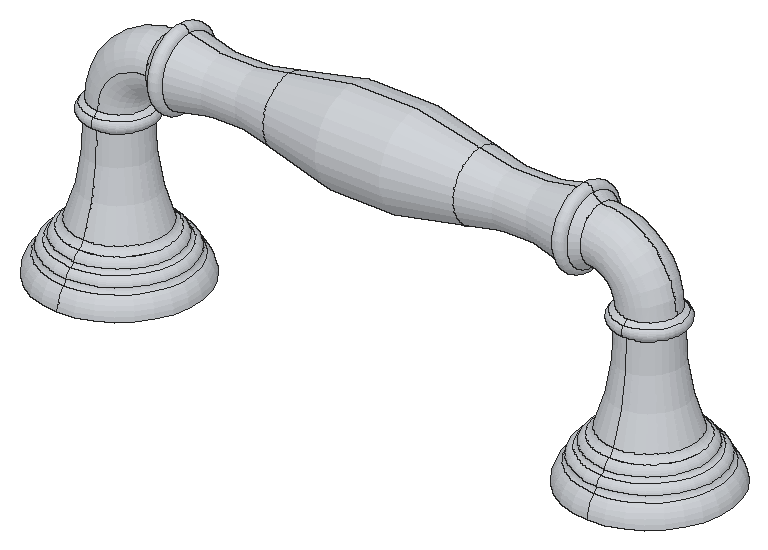
Revit family "Accessory-Cabinet_Pull-KOHLER-Devonshire-K-10576", category Specialty Equipment, host Face, Revit 2015
Parameters (values of type "CP-Polished Chrome")
  Width = 1 7/16"  # constant formula
  URL = "https://www.us.kohler.com/us/"
  Type = 1
  Product Page URL = "http://www.us.kohler.com/us/catalog/productDetails.jsp?productNumber=10576"
  Product Name = "Devonshire"  # constant formula
  Product Documentation Link = "http://www.us.kohler.com/onlinecatalog/pdf/K-10576_spec.pdf"
  Model = if(Type = 1, "K-10576-CP", if(Type = 2, "K-10576-SN", if(Type = 3, "K-10576-BN", if(Type = 4, "K-10576-BV", if(Type = 5, "K-10576-2BZ", "NA")))))  # "K-10576-CP"
  Material = "Premium Metal Construction"  # constant formula
  MasterFormat 2004 = "10.28.13"  # constant formula
  MasterFormat 1995 = "10820"  # constant formula
  Manufacturer Address = "444 Highland Dr, Kohler, WI 53044"  # constant formula
  Manufacturer = "KOHLER Co."  # constant formula
  Length = 3"  # constant formula
  Height = 7/8"  # constant formula
  Finish = Kohler-Metal-CP-Polished_Chrome
  Environmental Product Declaration = ""
  Description = "3 Inch Drawer pull"  # constant formula
  Default Elevation = 42"
  Declare Label = ""
  Date Modified = "10/24/2018"  # constant formula
  Date Created = "10/24/2018"  # constant formula
  Copyright = "Copyright KOHLER Co."  # constant formula
  Contact Us = "https://www.us.kohler.com/us/static/contact.jsp"
  Assembly Code = "C1030200"
  ADA Compliant = 1 = 0  # no
Types (6): name | Type | Model | Finish
  (no name) | 1 | "K-10576-CP" | Kohler-Metal-CP-Polished_Chrome
  CP-Polished Chrome | 1 | "K-10576-CP" | Kohler-Metal-CP-Polished_Chrome
  SN-Vibrant Polished Nickel | 2 | "K-10576-SN" | Kohler-Metal-SN-Vibrant_Polished_Nickel
  BN-Vibrant Brushed Nickel | 3 | "K-10576-BN" | Kohler-Metal-BN-Vibrant_Brushed_Nickel
  BV-Vibrant Brushed Bronze | 4 | "K-10576-BV" | Kohler-Metal-BV-Brushed_Bronze
  2BZ-Oil Rubbed Bronze | 5 | "K-10576-2BZ" | Kohler-Metal-2BZ-Oil_Rubbed_Bronze
Reference planes (in)
  plane 1 "Center (Front/Back)": y = 0
  plane 2: z = 0
  plane 3 "Center (Left/Right)": x = 0
  plane 4: y = 0.4375
  plane 5: x = -1.5
  plane 6: y = -0.4375
  plane 7: z = 1.4375
  plane 8: x = 1.5
Dimensions and locks (in)
  "Height": plane 4 to plane 6
  "Width": plane 7 to level
  "Length": plane 5 to plane 8
  aligned and locked: plane 2 to host face
  aligned and locked: level to host face
Automatic sketch dimensions
  host sketch curve to host sketch curve = 96"  (x2)
Nested families (in)
  nested 1: "K-10576" at (0, 0, 0), type "K-10576"
Definition of nested family "K-10576"
  Parameters (values of type "K-10576")
    Material = none
  Reference planes (in)
    plane 1 "Center (Front/Back)": y = 0
    plane 2: z = 0
    plane 3 "Center (Left/Right)": x = 0
    plane 4: y = 0.4375
    plane 5: x = 1.50088
    plane 6: y = -0.4375
    plane 7: x = -1.50088
    plane 8: x = 1.9375
    plane 9: z = 1.4375
    plane 10: x = -1.9375
  Forms (in)
    Revolve 1, solid, material <- "Material", detail levels medium+fine
      sketch origin (0, 0, 0) x (1, 0, 0) y (0, 0, 1)
        loop
          line (-1.18048, 1.35761) -> (-1.22711, 1.32141) -> (-1.22711, 1.16907) -> (1.22711, 1.16907) -> (1.22711, 1.32141) -> (1.18048, 1.35761)
          arc (1.18048, 1.35761) -> (1.14494, 1.39074) -> (1.10802, 1.35916) r 0.03647
          arc (1.10802, 1.35916) -> (0.82353, 1.31645) -> (0.53881, 1.35762) r 0.98661
          arc (0.53881, 1.35762) -> (0.0002, 1.43645) -> (-0.53842, 1.35773) r 1.88083
          arc (-0.53842, 1.35773) -> (-0.82332, 1.31645) -> (-1.10802, 1.35916) r 0.98661
          arc (-1.10802, 1.35916) -> (-1.14494, 1.39074) -> (-1.18048, 1.35761) r 0.03647
        axis (-1.22711, 1.16907) -> (1.22711, 1.16907)
      angle from 0 to 360
    Revolve 2, solid, material <- "Material", detail levels coarse
      sketch origin (0, 0, 0) x (1, 0, 0) y (0, 0, 1)
        loop
          line (-1.50088, 0) -> (-1.50088, 1.22134) -> (-1.60221, 1.22134) -> (-1.93838, 0) -> (-1.50088, 0)
        axis (-1.50088, 1.22134) -> (-1.50088, 0)
      angle from 0 to 360
    Revolve 3, solid, material <- "Material", detail levels coarse
      sketch origin (0, 0, 0) x (-1, 0, 0) y (0, 0, 1)
        loop
          line (-1.50088, 0) -> (-1.50088, 1.22134) -> (-1.60221, 1.22134) -> (-1.93838, 0) -> (-1.50088, 0)
        axis (-1.50088, 1.22134) -> (-1.50088, 0)
      angle from 0 to 360
    Extrusion 4, solid, material <- "Material", detail levels coarse
      sketch origin (0, 0, 0) x (0, 1, 0) y (0, 0, 1)
        loop
          circle (0, 1.16912) r 0.26838
      from -1.70861 to 1.7045
    Revolve 5, solid, material <- "Material", detail levels medium+fine
      sketch origin (1.50088, 0, 0) x (0, 1, 0) y (0, 0, -1)
        loop
          line (0, 0) -> (0, -0.89491) -> (0.15234, -0.89491) -> (0.18131, -0.87334)
          arc (0.18131, -0.87334) -> (0.19409, -0.8329) -> (0.15974, -0.80801) r 0.03625
          arc (0.15974, -0.80801) -> (0.17717, -0.54006) -> (0.25093, -0.28186) r 1.26123
          arc (0.25093, -0.28186) -> (0.26415, -0.26158) -> (0.28399, -0.24766) r 0.06313
          arc (0.28399, -0.24766) -> (0.30677, -0.23023) -> (0.31898, -0.20427) r 0.06059
          arc (0.31898, -0.20427) -> (0.3259, -0.19054) -> (0.33884, -0.18223) r 0.02921
          arc (0.33884, -0.18223) -> (0.3622, -0.16674) -> (0.37373, -0.14119) r 0.05055
          arc (0.37373, -0.14119) -> (0.37891, -0.12526) -> (0.38918, -0.11202) r 0.04885
          arc (0.38918, -0.11202) -> (0.42542, -0.06122) -> (0.4375, 0) r 0.14805
          line (0.4375, 0) -> (0, 0)
        axis (0, -0.89491) -> (0, 0)
      angle from 0 to 360
    Sweep 6, solid, material <- "Material", detail levels medium+fine
      path origin (0, 0, 0) x (-1, 0, 0) y (0, 0, 1)
        loop
          arc (-1.50088, 0.89491) -> (-1.42083, 1.08874) -> (-1.22711, 1.16907) r 0.27378
      profile origin (1.50088, 0, 0.89491) x (-0.999999, 0, 0.001397) y (0, -1, 0)
        loop
          circle (0, 0) r 0.15234
    Revolve 7, solid, material <- "Material", detail levels medium+fine
      sketch origin (-1.50088, 0, 0) x (0, 1, 0) y (0, 0, 1)
        loop
          line (0, 0) -> (0.4375, 0)
          arc (0.4375, 0) -> (0.42542, 0.06122) -> (0.38918, 0.11202) r 0.14805
          arc (0.38918, 0.11202) -> (0.37891, 0.12526) -> (0.37373, 0.14119) r 0.04885
          arc (0.37373, 0.14119) -> (0.3622, 0.16674) -> (0.33884, 0.18223) r 0.05055
          arc (0.33884, 0.18223) -> (0.3259, 0.19054) -> (0.31898, 0.20427) r 0.02921
          arc (0.31898, 0.20427) -> (0.30677, 0.23023) -> (0.28399, 0.24766) r 0.06059
          arc (0.28399, 0.24766) -> (0.26415, 0.26158) -> (0.25093, 0.28186) r 0.06313
          arc (0.25093, 0.28186) -> (0.17717, 0.54006) -> (0.15974, 0.80801) r 1.26123
          arc (0.15974, 0.80801) -> (0.19409, 0.8329) -> (0.18131, 0.87334) r 0.03625
          line (0.18131, 0.87334) -> (0.15234, 0.89491) -> (0, 0.89491) -> (0, 0)
        axis (0, 0.89491) -> (0, 0)
      angle from 0 to 360
    Sweep 8, solid, material <- "Material", detail levels medium+fine
      path origin (0, 0, 0) x (1, 0, 0) y (0, 0, 1)
        loop
          arc (-1.50088, 0.89491) -> (-1.42083, 1.08874) -> (-1.22711, 1.16907) r 0.27378
      profile origin (-1.50088, 0, 0.89491) x (-0.999999, 0, -0.001397) y (0, -1, 0)
        loop
          circle (0, 0) r 0.15234
  Cuts and joins
    joined: Revolve 2, Revolve 3, Extrusion 4
    joined: Revolve 1, Revolve 5, Sweep 6, Revolve 7, Sweep 8
  Lines and regions (in)
    Masking region 1
      outline origin (0, 0, 0) x (1, 0, 0) y (0, 1, 0)
        loop
          arc (-1.10802, 0.19252) -> (-1.26888, 0.37122) -> (-1.5, 0.4375) r 0.43608
          arc (-1.5, 0.4375) -> (-1.9375, 0) -> (-1.5, -0.4375) r 0.4375
          arc (-1.5, -0.4375) -> (-1.26888, -0.37122) -> (-1.10802, -0.19252) r 0.43608
          arc (-1.10802, -0.19252) -> (-0.82447, -0.1451) -> (-0.54032, -0.18871) r 0.90791
          arc (-0.54032, -0.18871) -> (0, -0.27349) -> (0.54032, -0.18871) r 1.7642
          arc (0.54032, -0.18871) -> (0.82447, -0.1451) -> (1.10802, -0.19252) r 0.90791
          arc (1.10802, -0.19252) -> (1.26888, -0.37122) -> (1.5, -0.4375) r 0.43608
          arc (1.5, -0.4375) -> (1.9375, 0) -> (1.5, 0.4375) r 0.4375
          arc (1.5, 0.4375) -> (1.26888, 0.37122) -> (1.10802, 0.19252) r 0.43608
          arc (1.10802, 0.19252) -> (0.82447, 0.1451) -> (0.54032, 0.18871) r 0.90791
          arc (0.54032, 0.18871) -> (0, 0.27349) -> (-0.54032, 0.18871) r 1.7642
          arc (-0.54032, 0.18871) -> (-0.82447, 0.1451) -> (-1.10802, 0.19252) r 0.90791
    Masking region 2
      outline origin (0, 0, 0) x (1, 0, 0) y (0, 0, 1)
        loop
          line (-1.50088, 0) -> (-1.06429, 0)
          arc (-1.06429, 0) -> (-1.07637, 0.06122) -> (-1.11261, 0.11202) r 0.14805
          arc (-1.11261, 0.11202) -> (-1.12287, 0.12526) -> (-1.12806, 0.14119) r 0.04885
          arc (-1.12806, 0.14119) -> (-1.13958, 0.16674) -> (-1.16294, 0.18223) r 0.05055
          arc (-1.16294, 0.18223) -> (-1.17588, 0.19054) -> (-1.18281, 0.20427) r 0.02921
          arc (-1.18281, 0.20427) -> (-1.19502, 0.23023) -> (-1.21775, 0.24777) r 0.06059
          arc (-1.21775, 0.24777) -> (-1.23763, 0.26158) -> (-1.25085, 0.28186) r 0.06313
          arc (-1.25085, 0.28186) -> (-1.32462, 0.54006) -> (-1.34205, 0.80801) r 1.26123
          arc (-1.34205, 0.80801) -> (-1.30587, 0.84372) -> (-1.34096, 0.8805) r 0.03625
          arc (-1.34096, 0.8805) -> (-1.32266, 0.9746) -> (-1.23655, 1.01672) r 0.10756
          line (-1.23655, 1.01672) -> (-1.18048, 0.98828)
          arc (-1.18048, 0.98828) -> (-1.14885, 0.94779) -> (-1.10802, 0.97897) r 0.03653
          arc (-1.10802, 0.97897) -> (-0.83307, 1.02201) -> (-0.55749, 0.98322) r 0.94658
          arc (-0.55749, 0.98322) -> (0.0032, 0.90256) -> (0.56362, 0.98501) r 1.96723
          arc (0.56362, 0.98501) -> (0.83626, 1.02198) -> (1.10802, 0.97897) r 0.94658
          arc (1.10802, 0.97897) -> (1.14885, 0.94779) -> (1.18048, 0.98828) r 0.03653
          line (1.18048, 0.98828) -> (1.23655, 1.01672)
          arc (1.23655, 1.01672) -> (1.32266, 0.9746) -> (1.34096, 0.8805) r 0.10756
          arc (1.34096, 0.8805) -> (1.30587, 0.84372) -> (1.34205, 0.80801) r 0.03625
          arc (1.34205, 0.80801) -> (1.32462, 0.54006) -> (1.25085, 0.28186) r 1.26123
          arc (1.25085, 0.28186) -> (1.23763, 0.26158) -> (1.2178, 0.24766) r 0.06313
          arc (1.2178, 0.24766) -> (1.19502, 0.23023) -> (1.18281, 0.20427) r 0.06059
          arc (1.18281, 0.20427) -> (1.17588, 0.19054) -> (1.16294, 0.18223) r 0.02921
          arc (1.16294, 0.18223) -> (1.13958, 0.16674) -> (1.12806, 0.14119) r 0.05055
          arc (1.12806, 0.14119) -> (1.12287, 0.12526) -> (1.11261, 0.11202) r 0.04885
          arc (1.11261, 0.11202) -> (1.07637, 0.06122) -> (1.06429, 0) r 0.14805
          line (1.06429, 0) -> (1.93748, 0)
          arc (1.93748, 0) -> (1.92539, 0.06122) -> (1.88916, 0.11202) r 0.14805
          arc (1.88916, 0.11202) -> (1.87889, 0.12526) -> (1.8737, 0.14119) r 0.04885
          arc (1.8737, 0.14119) -> (1.86218, 0.16674) -> (1.83882, 0.18223) r 0.05055
          arc (1.83882, 0.18223) -> (1.82588, 0.19054) -> (1.81896, 0.20427) r 0.02921
          arc (1.81896, 0.20427) -> (1.80675, 0.23023) -> (1.78401, 0.24777) r 0.06059
          arc (1.78401, 0.24777) -> (1.76413, 0.26158) -> (1.75091, 0.28186) r 0.06313
          arc (1.75091, 0.28186) -> (1.67715, 0.54006) -> (1.65972, 0.80801) r 1.26123
          arc (1.65972, 0.80801) -> (1.69589, 0.84478) -> (1.65867, 0.8805) r 0.03625
          line (1.65867, 0.8805) -> (1.6507, 0.9454)
          arc (1.6507, 0.9454) -> (1.51348, 1.21034) -> (1.23655, 1.32141) r 0.42835
          line (1.23655, 1.32141) -> (1.18048, 1.34985)
          arc (1.18048, 1.34985) -> (1.14885, 1.39034) -> (1.10802, 1.35916) r 0.03653
          arc (1.10802, 1.35916) -> (0.82991, 1.31611) -> (0.55144, 1.35672) r 0.94658
          arc (0.55144, 1.35672) -> (0.2788, 1.41814) -> (0, 1.4375) r 1.83727
          arc (0, 1.4375) -> (-0.28165, 1.41579) -> (-0.55749, 1.35491) r 2.01541
          arc (-0.55749, 1.35491) -> (-0.83307, 1.31612) -> (-1.10802, 1.35916) r 0.94658
          arc (-1.10802, 1.35916) -> (-1.14885, 1.39034) -> (-1.18048, 1.34985) r 0.03653
          line (-1.18048, 1.34985) -> (-1.23655, 1.32141)
          arc (-1.23655, 1.32141) -> (-1.51348, 1.21034) -> (-1.6507, 0.9454) r 0.42835
          line (-1.6507, 0.9454) -> (-1.65867, 0.8805)
          arc (-1.65867, 0.8805) -> (-1.69589, 0.84478) -> (-1.65972, 0.80801) r 0.03625
          arc (-1.65972, 0.80801) -> (-1.67715, 0.54006) -> (-1.75091, 0.28186) r 1.26123
          arc (-1.75091, 0.28186) -> (-1.76413, 0.26158) -> (-1.78396, 0.24766) r 0.06313
          arc (-1.78396, 0.24766) -> (-1.80675, 0.23023) -> (-1.81896, 0.20427) r 0.06059
          arc (-1.81896, 0.20427) -> (-1.82588, 0.19054) -> (-1.83882, 0.18223) r 0.02921
          arc (-1.83882, 0.18223) -> (-1.86218, 0.16674) -> (-1.8737, 0.14119) r 0.05055
          arc (-1.8737, 0.14119) -> (-1.87889, 0.12526) -> (-1.88916, 0.11202) r 0.04885
          arc (-1.88916, 0.11202) -> (-1.92539, 0.06122) -> (-1.93748, 0) r 0.14805
          line (-1.93748, 0) -> (-1.50088, 0)
    Masking region 3
      outline origin (0, 0, 0) x (0, 1, 0) y (0, 0, 1)
        loop
          line (0, 0) -> (0.4375, 0)
          arc (0.4375, 0) -> (0.42542, 0.06122) -> (0.38918, 0.11202) r 0.14805
          arc (0.38918, 0.11202) -> (0.37891, 0.12526) -> (0.37373, 0.14119) r 0.04885
          arc (0.37373, 0.14119) -> (0.3622, 0.16674) -> (0.33884, 0.18223) r 0.05055
          arc (0.33884, 0.18223) -> (0.3259, 0.19054) -> (0.31898, 0.20427) r 0.02921
          arc (0.31898, 0.20427) -> (0.30677, 0.23023) -> (0.28399, 0.24766) r 0.06059
          arc (0.28399, 0.24766) -> (0.26415, 0.26158) -> (0.25093, 0.28186) r 0.06313
          arc (0.25093, 0.28186) -> (0.17717, 0.54006) -> (0.15974, 0.80801) r 1.26123
          arc (0.15974, 0.80801) -> (0.19592, 0.84434) -> (0.15959, 0.88051) r 0.03625
          line (0.15959, 0.88051) -> (0.1523, 0.91212) -> (0.1523, 0.94813)
          arc (0.1523, 0.94813) -> (0, 1.4375) -> (-0.1523, 0.94813) r 0.26838
          line (-0.1523, 0.94813) -> (-0.1523, 0.91212) -> (-0.15959, 0.88051)
          arc (-0.15959, 0.88051) -> (-0.19592, 0.84434) -> (-0.15974, 0.80801) r 0.03625
          arc (-0.15974, 0.80801) -> (-0.17717, 0.54006) -> (-0.25093, 0.28186) r 1.26123
          arc (-0.25093, 0.28186) -> (-0.26415, 0.26158) -> (-0.28404, 0.24777) r 0.06313
          arc (-0.28404, 0.24777) -> (-0.30677, 0.23023) -> (-0.31898, 0.20427) r 0.06059
          arc (-0.31898, 0.20427) -> (-0.3259, 0.19054) -> (-0.33884, 0.18223) r 0.02921
          arc (-0.33884, 0.18223) -> (-0.3622, 0.16674) -> (-0.37373, 0.14119) r 0.05055
          arc (-0.37373, 0.14119) -> (-0.37891, 0.12526) -> (-0.38918, 0.11202) r 0.04885
          arc (-0.38918, 0.11202) -> (-0.42542, 0.06122) -> (-0.4375, 0) r 0.14805
          line (-0.4375, 0) -> (0, 0)
    symbolic lines, detail levels medium+fine
      curve 1: arc (-1.50088, 0.15355, 0) -> (-1.65444, 0, 0) -> (-1.50088, -0.15355, 0) r 0.15355
      curve 2: arc (-1.46081, -0.15355, 0) -> (-1.65958, 0, 0) -> (-1.46081, 0.15355, 0) r 0.1587
      curve 3: line (-1.50088, 0.15355, 0) -> (-1.23655, 0.15355, 0)
      curve 4: line (-1.23655, 0.15355, 0) -> (-1.18048, 0.18079, 0)
      curve 5: line (-1.50088, -0.15355, 0) -> (-1.23655, -0.15355, 0)
      curve 6: line (-1.23655, -0.15355, 0) -> (-1.18048, -0.18079, 0)
      curve 7: arc (-1.18048, -0.18079, 0) -> (-1.15844, -0.21847, 0) -> (-1.11615, -0.20766, 0) r 0.03626
      curve 8: arc (-1.18048, 0.18079, 0) -> (-1.15844, 0.21847, 0) -> (-1.11615, 0.20766, 0) r 0.03626
      curve 9: line (-1.18048, 0.18079, 0) -> (-1.18048, -0.18079, 0)
      curve 10: line (-1.10802, 0.19252, 0) -> (-1.10802, -0.19252, 0)
      curve 11: arc (-1.18595, 0.17813, 0) -> (-1.8627, 0, 0) -> (-1.18595, -0.17813, 0) r 0.36182
      curve 12: arc (-1.32998, 0.15355, 0) -> (-1.73064, 0, 0) -> (-1.32998, -0.15355, 0) r 0.22976
      curve 13: arc (1.50088, 0.15355, 0) -> (1.65444, 0, 0) -> (1.50088, -0.15355, 0) r 0.15355
      curve 14: arc (1.46081, -0.15355, 0) -> (1.65958, 0, 0) -> (1.46081, 0.15355, 0) r 0.1587
      curve 15: line (1.50088, 0.15355, 0) -> (1.23655, 0.15355, 0)
      curve 16: line (1.23655, 0.15355, 0) -> (1.18048, 0.18079, 0)
      curve 17: line (1.50088, -0.15355, 0) -> (1.23655, -0.15355, 0)
      curve 18: line (1.23655, -0.15355, 0) -> (1.18048, -0.18079, 0)
      curve 19: arc (1.18048, -0.18079, 0) -> (1.15844, -0.21847, 0) -> (1.11615, -0.20766, 0) r 0.03626
      curve 20: arc (1.18048, 0.18079, 0) -> (1.15844, 0.21847, 0) -> (1.11615, 0.20766, 0) r 0.03626
      curve 21: line (1.18048, 0.18079, 0) -> (1.18048, -0.18079, 0)
      curve 22: line (1.10802, 0.19252, 0) -> (1.10802, -0.19252, 0)
      curve 23: arc (1.18595, 0.17813, 0) -> (1.8627, 0, 0) -> (1.18595, -0.17813, 0) r 0.36182
      curve 24: arc (1.32998, 0.15355, 0) -> (1.73064, 0, 0) -> (1.32998, -0.15355, 0) r 0.22976
      curve 25: line (-1.65972, 0, 0.80801) -> (-1.34205, 0, 0.80801)
      curve 26: line (-1.18048, 0, 1.34985) -> (-1.18048, 0, 0.98828)
      curve 27: line (-1.10802, 0, 0.97897) -> (-1.10802, 0, 1.35916)
      curve 28: line (-1.78396, 0, 0.24766) -> (-1.2178, 0, 0.24766)
      curve 29: line (-1.83882, 0, 0.18223) -> (-1.16294, 0, 0.18223)
      curve 30: line (-1.88916, 0, 0.11202) -> (-1.11261, 0, 0.11202)
      curve 31: line (1.65972, 0, 0.80801) -> (1.34205, 0, 0.80801)
      curve 32: line (1.18048, 0, 1.34985) -> (1.18048, 0, 0.98828)
      curve 33: line (1.10802, 0, 0.97897) -> (1.10802, 0, 1.35916)
      curve 34: line (1.78396, 0, 0.24766) -> (1.2178, 0, 0.24766)
      curve 35: line (1.83882, 0, 0.18223) -> (1.16294, 0, 0.18223)
      curve 36: line (1.88916, 0, 0.11202) -> (1.11261, 0, 0.11202)
      curve 37: arc (0, 0, 1.32141) -> (0, 0.10637, 1.27812) -> (0, 0.1523, 1.17287) r 0.15234
      curve 38: arc (0, 0.1523, 1.05791) -> (0, 0.16809, 1.25448) -> (0, 0, 1.35761) r 0.18855
      curve 39: arc (0, 0, 1.39127) -> (0, 0.20655, 1.25098) -> (0, 0.1523, 1.00726) r 0.22221
      curve 40: line (0, 0.1523, 0.94813) -> (0, 0.1523, 1.17287)
      curve 41: arc (0, 0, 1.32141) -> (0, -0.10637, 1.27812) -> (0, -0.1523, 1.17287) r 0.15234
      curve 42: arc (0, -0.1523, 1.05791) -> (0, -0.16809, 1.25448) -> (0, 0, 1.35761) r 0.18855
      curve 43: arc (0, 0, 1.39127) -> (0, -0.20655, 1.25098) -> (0, -0.1523, 1.00726) r 0.22221
      curve 44: line (0, -0.1523, 0.94813) -> (0, -0.1523, 1.17287)
      curve 45: line (0, -0.1587, 0.8805) -> (0, 0.15959, 0.88051)
      curve 46: line (0, -0.15974, 0.80801) -> (0, 0.15974, 0.80801)
      curve 47: line (0, 0.28399, 0.24766) -> (0, -0.28399, 0.24766)
      curve 48: line (0, 0.33884, 0.18223) -> (0, -0.33884, 0.18223)
      curve 49: line (0, 0.38918, 0.11202) -> (0, -0.38918, 0.11202)
      curve 50: line (-1.34096, 0, 0.8805) -> (-1.65867, 0, 0.8805)
      curve 51: line (1.34096, 0, 0.8805) -> (1.65867, 0, 0.8805)
  Dimensions and locks (in)
    aligned and locked: plane 2 to level
